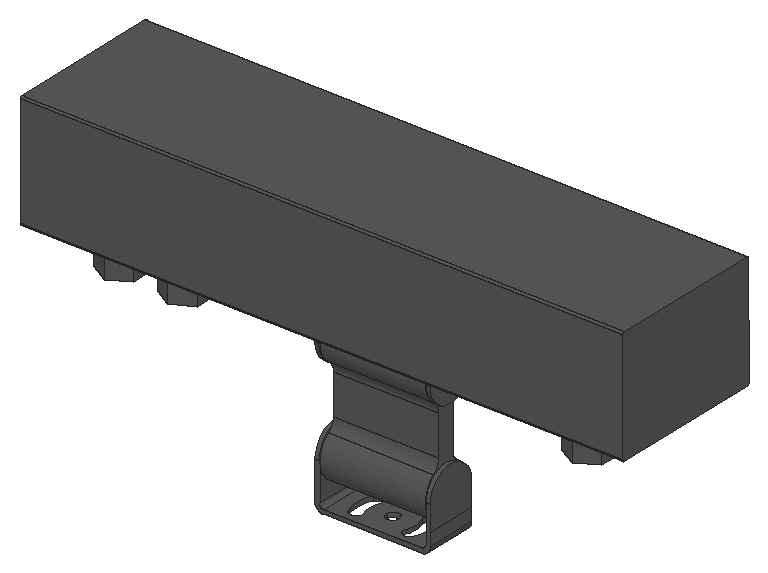
Revit family "LeL Tago 6.0", category Lighting Fixtures, Revit 2021
Family settings
  Round Connector Dimension = Use Diameter
  Part Type = Normal
  OmniClass Number = 23.80.70.00
  OmniClass Title = Lighting
  Work Plane-Based = Yes
  Always vertical = No
  Cut with Voids When Loaded = No
  Light Source = No
  Shared = No
  Room Calculation Point = No
Parameters (values of type "6.0 S 24° 14W")
  Weight = 1.083 kg  # constant formula
  Wattage = 14 W
  URL = "https://www.lucelight.it/en/prodotto.php/145844"
  Rotation wall [instance] = 0.00°
  Rotation body [instance] = 0.00°
  R2 [instance] = if(Rotation body > 90.00°, 90.00°, if(Rotation body < -90.00°, -90.00°, Rotation body))  # 0.00°
  R1 [instance] = if(Rotation wall > 90.00°, 90.00°, if(Rotation wall < -90.00°, -90.00°, Rotation wall))  # 0.00°
  Rated Power supply = 48 V  # constant formula
  Optic = TAGO Light source : 6.0 S 24° 14W
  Model = "TG60"
  Manufacturer = "L&L Luce&Light srl"  # constant formula
  Lumen Output = 1374 lm
  Lamp = "LED"
  IP = "IP65 IP67 IP69"  # constant formula
  IK = "IK09"  # constant formula
  Hint = "Switch on cable gland if dimmable"  # constant formula
  Description = "Outdoor/linear profiles"  # constant formula
  Default Elevation = 1219.2 mm
  Finish = LeL Black
  Cable gland dimmable = yes
  CRI = "CRI80"  # constant formula
  CCT = 4000 K  # constant formula
  Clips offset = 0 mm
  B [instance] = if(Clips offset > 100 mm, 100 mm, if(Clips offset < -100 mm, -100 mm, Clips offset))  # 0 mm
  Author = "A.D."  # constant formula
  Apparent Load = Wattage  # 14 VA
Types (3, lengths in mm): name | Optic | Lumen Output
  6.0 S 24° 14W | TAGO Light source : 6.0 S 24° 14W | 1374 lm
  6.0 M 30° 14W | TAGO Light source : 6.0 M 30° 14W | 1290 lm
  6.0 L 52° 14W | TAGO Light source : 6.0 L 52° 14W | 1206 lm
Reference planes
  plane 1 "Asse sorgente illuminazione (F/B)": y = 0
  plane 2: z = 0
  plane 3 "Asse sorgente illuminazione (L/R)": x = 0
  plane 4 "Prospetto sorgente di illuminazione": z = 1500
  plane 5: y = 0
  plane 6: z = 21.998
Lines and regions (mm)
  reference lines
    curve 1: line (0, -0.082, -8.118) -> (0, -0.082, 21.998)
Dimensions and locks
  "R1": angle plane 5 to curve 1
  aligned and locked: level to plane 2
  aligned and locked: plane 6 to curve 1
Automatic sketch dimensions
  plane 1 "Asse sorgente illuminazione (F/B)" to curve 1 = 0.082 mm
Nested families
  nested 1: "Symbol Linear Profile lamp" at (0, 0.044, 0), type "TG60", detail levels coarse
  nested 2: "Body" at (0, 0.253, -0.08), Finish <- "Finish", Cable gland <- "Cable gland dimmable", type "body"
    with Finish LeL Black, Cable gland yes
  nested 3: "Bracket wall" at (0, 0, 0), Finish <- "Finish", type "bracket wall"
    with Finish LeL Black
  nested 4: "Bracket body" at (0, 0.061, 71.907) x (1, 0, 0) z (0, 1, 0), Rotation body <- "R2", Finish <- "Finish", type "bracket body"
    with Rotation body 0.00°, Finish LeL Black
  nested 5: "Arm" at (0, -0.027, 21.924) x (1, 0, 0) z (0, 1, 0), Finish <- "Finish", type "arm"
    with Finish LeL Black
  nested 6: "TAGO Light source" at (0.576, 30.859, 121.467) x (1, 0, 0) z (0, 1, 0), type <- "Optic", type "6.0 S 24° 14W", detail levels medium
Connectors
  electrical at (-92.94, 0.122, 0), driven by "Rated Power supply", driven by "Apparent Load"
    settings: index 2, voltage 48 V, apparent load 0 VA, apparent load phase1 14 VA, apparent load phase2 0 VA, apparent load phase3 0 VA, power factor 1, load classification "Illuminazione", number of poles 1, system type 31, power factor state 1, is connector primary yes, connector utility no, sub classification motor no, connector description ""
Definition of nested family "Body"
  Parameters (values of type "body")
    Lenght = 286 mm
    Finish [instance] = none
    Default Elevation = 1219.2 mm
    Cable gland [instance] = yes
  Reference planes
    plane 1 "Centro (Fronte/Retro)": y = 0
    plane 2: z = 0
    plane 3 "Centro (Sinistra/Destra)": x = 0
    plane 4: x = -143
    plane 5: x = -139
    plane 6: x = -128
    plane 7: x = 128
    plane 8: x = 139
    plane 9: x = 143
    plane 10: x = 113.5
    plane 11: x = -108.5
    plane 12: x = -78.5
  Forms (mm)
    Extrusion 1, solid, material <- "Finish", detail levels medium+fine
      sketch origin (0, 0, 0) x (0, 1, 0) y (0, 0, 1)
        loop
          arc (-41.6, 149) -> (-42.307, 148.707) -> (-42.6, 148) r 1
          line (-42.6, 148) -> (-42.6, 95)
          arc (-42.6, 95) -> (-42.307, 94.293) -> (-41.6, 94) r 1
          line (-41.6, 94) -> (31.2, 94)
          arc (31.2, 94) -> (31.554, 94.146) -> (31.7, 94.5) r 0.5
          line (31.7, 94.5) -> (31.7, 148.5)
          arc (31.7, 148.5) -> (31.554, 148.854) -> (31.2, 149) r 0.5
          line (31.2, 149) -> (-41.6, 149)
      from -143 to 143
    Extrusion 2, void
      sketch origin (0, 0, 0) x (1, 0, 0) y (0, 0, 1)
        loop
          line (-139, 146.625) -> (-139, 96.375) -> (139, 96.375) -> (139, 146.625) -> (-139, 146.625)
      from -31.7 to -26.7
    Extrusion 3, solid, detail levels medium+fine
      sketch origin (0, 0, 0) x (1, 0, 0) y (0, 0, 1)
        loop
          line (-139, 146.625) -> (-139, 96.375) -> (139, 96.375) -> (139, 146.625) -> (-139, 146.625)
      from -26.7 to -31.7
    Extrusion 4, solid, detail levels medium+fine
      sketch origin (0, 0, 0) x (1, 0, 0) y (0, 0, 1)
        loop
          line (-128, 132.25) -> (-128, 110.75)
          arc (-128, 110.75) -> (-127.268, 108.982) -> (-125.5, 108.25) r 2.5
          line (-125.5, 108.25) -> (125.5, 108.25)
          arc (125.5, 108.25) -> (127.268, 108.982) -> (128, 110.75) r 2.5
          line (128, 110.75) -> (128, 132.25)
          arc (128, 132.25) -> (127.268, 134.018) -> (125.5, 134.75) r 2.5
          line (125.5, 134.75) -> (-125.5, 134.75)
          arc (-125.5, 134.75) -> (-127.268, 134.018) -> (-128, 132.25) r 2.5
      from -31.7 to -26.7
    Extrusion 5, solid, visible <- "Cable gland", detail levels medium+fine
      sketch origin (27.5, 0, 87.5) x (1, 0, 0) y (0, 1, 0)
        loop
          line (86, -13.63) -> (76.5, -19.115) -> (76.5, -30.085) -> (86, -35.57) -> (95.5, -30.085) -> (95.5, -19.115) -> (86, -13.63)
      from -7.25 to 6.5
    Extrusion 6, solid, visible <- "Cable gland", detail levels medium+fine
      sketch origin (-164.5, 0, 87.5) x (1, 0, 0) y (0, 1, 0)
        loop
          line (86, -13.63) -> (76.5, -19.115) -> (76.5, -30.085) -> (86, -35.57) -> (95.5, -30.085) -> (95.5, -19.115) -> (86, -13.63)
      from -7.25 to 6.5
    Extrusion 7, solid, detail levels medium+fine
      sketch origin (-194.5, 0, 87.5) x (1, 0, 0) y (0, 1, 0)
        loop
          line (86, -13.63) -> (76.5, -19.115) -> (76.5, -30.085) -> (86, -35.57) -> (95.5, -30.085) -> (95.5, -19.115) -> (86, -13.63)
      from -7.25 to 6.5
    Extrusion 8, solid, material <- "Finish", detail levels coarse
      sketch origin (0, 0, 0) x (0, 1, 0) y (0, 0, 1)
        loop
          line (30.513, 149) -> (-42.6, 149) -> (-42.6, 94) -> (30.513, 94) -> (30.513, 149)
      from -143 to 143
    Extrusion 9, solid, detail levels coarse
      sketch origin (0, 62.4, 0) x (0, -1, 0) y (0, 0, -1)
        loop
          line (31.887, -149) -> (31.887, -94) -> (30.7, -94) -> (30.7, -149) -> (31.887, -149)
      from -143 to 143
    Extrusion 10, void
      sketch origin (0, 0, 0) x (1, 0, 0) y (0, 0, 1)
        loop
          arc (-125.5, 134.75) -> (-127.268, 134.018) -> (-128, 132.25) r 2.5
          line (-128, 132.25) -> (-128, 110.75)
          arc (-128, 110.75) -> (-127.268, 108.982) -> (-125.5, 108.25) r 2.5
          line (-125.5, 108.25) -> (125.5, 108.25)
          arc (125.5, 108.25) -> (127.268, 108.982) -> (128, 110.75) r 2.5
          line (128, 110.75) -> (128, 132.25)
          arc (128, 132.25) -> (127.268, 134.018) -> (125.5, 134.75) r 2.5
          line (125.5, 134.75) -> (-125.5, 134.75)
      from -31.7 to -26.7
  Cuts and joins
    Extrusion 2, Extrusion 10 cuts Extrusion 1
    Extrusion 10 cuts Extrusion 8
    Extrusion 10 cuts Extrusion 3
  Dimensions and locks
    equal spacing: plane 9, plane 3 "Centro (Sinistra/Destra)", plane 4
    "Lenght": plane 9 to plane 4
    locked: plane 9 to plane 8 at 4
    locked: plane 5 to plane 4 at 4
    locked: plane 6 to plane 5 at 11
    locked: plane 8 to plane 7 at 11
    locked: plane 11 to plane 6 at 19.5
    locked: plane 12 to plane 11 at 30
    locked: plane 7 to plane 10 at 14.5
    aligned and locked: level to plane 2
    aligned and locked: Extrusion 1 to plane 4
    aligned and locked: Extrusion 1 to plane 9
    aligned and locked: plane 8 to cut or joined group of Extrusion 1, Extrusion 2, Extrusion 10
    aligned and locked: cut or joined group of Extrusion 1, Extrusion 2, Extrusion 10 to plane 5
    aligned and locked: cut or joined group of Extrusion 1, Extrusion 2, Extrusion 10 to cut or joined group of Extrusion 1, Extrusion 2, Extrusion 10
    aligned and locked: Extrusion 6 to plane 12
    aligned and locked: Extrusion 7 to plane 11
    aligned and locked: Extrusion 5 to plane 10
    aligned and locked: Extrusion 8 to plane 9
    aligned and locked: Extrusion 8 to plane 4
    aligned and locked: Extrusion 9 to plane 4
    aligned and locked: Extrusion 9 to plane 9
  Automatic sketch dimensions
    plane 1 "Centro (Fronte/Retro)" to Extrusion 1 sketch curve = 42.6 mm
    Extrusion 1 sketch curve to Extrusion 1 sketch curve = 1 mm  (x2)
    Extrusion 1 sketch curve to plane 1 "Centro (Fronte/Retro)" = 31.2 mm  (x2)
    Extrusion 1 sketch curve to Extrusion 1 sketch curve = 0.5 mm
    level to Extrusion 1 sketch curve = 94 mm
    Extrusion 1 sketch curve to Extrusion 1 sketch curve = 53 mm
    Extrusion 2 sketch curve to plane 5 = 0 mm
    Extrusion 2 sketch curve to plane 8 = 0 mm
    level to Extrusion 2 sketch curve = 96.375 mm
    Extrusion 2 sketch curve to Extrusion 2 sketch curve = 50.25 mm
    Extrusion 3 sketch curve to plane 5 = 0 mm
    Extrusion 3 sketch curve to plane 8 = 0 mm
    level to Extrusion 3 sketch curve = 96.375 mm
    Extrusion 3 sketch curve to Extrusion 3 sketch curve = 50.25 mm
    Extrusion 4 sketch curve to plane 6 = 0 mm
    plane 7 to Extrusion 4 sketch curve = 0 mm
    plane 6 to Extrusion 4 sketch curve = 2.5 mm  (x2)
    plane 7 to Extrusion 4 sketch curve = 2.5 mm  (x2)
    level to Extrusion 4 sketch curve = 108.25 mm
    Extrusion 4 sketch curve to Extrusion 4 sketch curve = 21.5 mm
    Extrusion 5 sketch curve to plane 10 = 0 mm  (x2)
    Extrusion 5 sketch curve to plane 10 = 9.5 mm
    plane 7 to Extrusion 5 sketch curve = 5 mm
    plane 1 "Centro (Fronte/Retro)" to Extrusion 5 sketch curve = 35.57 mm
    Extrusion 5 sketch curve to Extrusion 5 sketch curve = 5.485 mm  (x3)
    Extrusion 5 sketch curve to Extrusion 5 sketch curve = 10.97 mm  (x2)
    Extrusion 6 sketch curve to plane 12 = 0 mm  (x2)
    Extrusion 6 sketch curve to plane 12 = 9.5 mm
    plane 12 to Extrusion 6 sketch curve = 9.5 mm
    plane 1 "Centro (Fronte/Retro)" to Extrusion 6 sketch curve = 35.57 mm
    Extrusion 6 sketch curve to Extrusion 6 sketch curve = 5.485 mm  (x3)
    Extrusion 6 sketch curve to Extrusion 6 sketch curve = 10.97 mm  (x2)
    Extrusion 7 sketch curve to plane 11 = 0 mm  (x2)
    Extrusion 7 sketch curve to plane 11 = 9.5 mm
    plane 11 to Extrusion 7 sketch curve = 9.5 mm
    plane 1 "Centro (Fronte/Retro)" to Extrusion 7 sketch curve = 35.57 mm
    Extrusion 7 sketch curve to Extrusion 7 sketch curve = 5.485 mm  (x3)
    Extrusion 7 sketch curve to Extrusion 7 sketch curve = 10.97 mm  (x2)
    plane 1 "Centro (Fronte/Retro)" to Extrusion 8 sketch curve = 42.6 mm
    Extrusion 8 sketch curve to plane 1 "Centro (Fronte/Retro)" = 30.513 mm
    level to Extrusion 8 sketch curve = 94 mm
    Extrusion 8 sketch curve to Extrusion 8 sketch curve = 55 mm
    Extrusion 9 sketch curve to plane 1 "Centro (Fronte/Retro)" = 31.7 mm
    Extrusion 9 sketch curve to plane 1 "Centro (Fronte/Retro)" = 30.513 mm
    level to Extrusion 9 sketch curve = 149 mm
    Extrusion 9 sketch curve to Extrusion 9 sketch curve = 55 mm
    Extrusion 10 sketch curve to plane 6 = 0 mm
    plane 6 to Extrusion 10 sketch curve = 2.5 mm  (x2)
    Extrusion 10 sketch curve to Extrusion 10 sketch curve = 2.5 mm
    level to Extrusion 10 sketch curve = 108.25 mm
    Extrusion 10 sketch curve to Extrusion 10 sketch curve = 21.5 mm
    plane 7 to Extrusion 10 sketch curve = 2.5 mm
    plane 7 to Extrusion 10 sketch curve = 0 mm
Definition of nested family "Bracket wall"
  Parameters (values of type "bracket wall")
    Default Elevation = 0 mm
    Finish [instance] = none
  Reference planes
    plane 1 "Centro (Fronte/Retro)": y = 0
    plane 2: z = 0
    plane 3 "Centro (Sinistra/Destra)": x = 0
  Forms (mm)
    Extrusion 1, solid, material <- "Finish", detail levels medium+fine
      sketch origin (0, 0, 0) x (1, 0, 0) y (0, 0, -1)
        loop
          line (-25.4, -22) -> (-25.4, -4)
          arc (-25.4, -4) -> (-24.814, -2.586) -> (-23.4, -2) r 2
          line (-23.4, -2) -> (23.4, -2)
          arc (23.4, -2) -> (24.814, -2.586) -> (25.4, -4) r 2
          line (25.4, -4) -> (25.4, -22) -> (27.4, -22) -> (27.4, -10) -> (27.4, -4)
          arc (27.4, -4) -> (26.228, -1.172) -> (23.4, 0) r 4
          line (23.4, 0) -> (-23.4, 0)
          arc (-23.4, 0) -> (-26.228, -1.172) -> (-27.4, -4) r 4
          line (-27.4, -4) -> (-27.4, -10) -> (-27.4, -22) -> (-25.4, -22)
      from -12 to 12
    Extrusion 2, solid, material <- "Finish", detail levels medium+fine
      sketch origin (0, 0, 0) x (0, 0, -1) y (0, 1, 0)
        loop
          line (-22, -12) -> (-22, 12)
          arc (-22, 12) -> (-34, 0) -> (-22, -12) r 12
      from 25.4 to 27.4
    Extrusion 3, solid, material <- "Finish", detail levels medium+fine
      sketch origin (0, 0, 0) x (0, 0, -1) y (0, -1, 0)
        loop
          arc (-22, 12) -> (-34, 0) -> (-22, -12) r 12
          line (-22, -12) -> (-22, 12)
      from 25.4 to 27.4
    Extrusion 4, void
      sketch origin (0, 0, 0) x (1, 0, 0) y (0, 1, 0)
        loop
          arc (-15.411, 7.399) -> (-17.1, 0) -> (-15.411, -7.399) r 17.05
          arc (-15.411, -7.399) -> (-11.348, -8.712) -> (-9.828, -4.722) r 3.1
          arc (-9.828, -4.722) -> (-10.9, -0.004) -> (-9.828, 4.715) r 10.916
          arc (-9.828, 4.715) -> (-11.344, 8.71) -> (-15.411, 7.399) r 3.102
      from 0 to 2
    Extrusion 5, void
      sketch origin (0, 0, 0) x (-1, 0, 0) y (0, -1, 0)
        loop
          arc (-15.411, -7.399) -> (-11.344, -8.71) -> (-9.828, -4.715) r 3.102
          arc (-9.828, -4.715) -> (-10.9, 0.004) -> (-9.828, 4.722) r 10.916
          arc (-9.828, 4.722) -> (-11.348, 8.712) -> (-15.411, 7.399) r 3.1
          arc (-15.411, 7.399) -> (-17.1, 0) -> (-15.411, -7.399) r 17.05
      from 0 to 2
    Extrusion 6, void
      sketch origin (0, 0, 0) x (1, 0, 0) y (0, 1, 0)
        loop
          circle (0, 0) r 3.1
      from 0 to 2
    Extrusion 7, solid, material <- "Finish", detail levels coarse
      sketch origin (0, 0, 0) x (0, 0, -1) y (0, 1, 0)
        loop
          line (0, 12) -> (-22, 12) -> (-30.485, 8.485) -> (-34, 0) -> (-30.485, -8.485) -> (-22, -12) -> (0, -12) -> (0, 12)
      from 25.4 to 27.4
    Extrusion 8, solid, material <- "Finish", detail levels coarse
      sketch origin (0, 0, 0) x (0, 0, -1) y (0, -1, 0)
        loop
          line (0, -12) -> (0, 12) -> (-22, 12) -> (-30.485, 8.485) -> (-34, 0) -> (-30.485, -8.485) -> (-22, -12) -> (0, -12)
      from 25.4 to 27.4
    Extrusion 9, solid, material <- "Finish", detail levels coarse
      sketch origin (0, 0, 0) x (0, 0, -1) y (0, 1, 0)
        loop
          line (0, 12) -> (-2, 12) -> (-2, -12) -> (0, -12) -> (0, 12)
      from -25.4 to 25.4
  Cuts and joins
    Extrusion 4, Extrusion 5, Extrusion 6 cuts Extrusion 1
    joined: Extrusion 1, Extrusion 2, Extrusion 3
  Dimensions and locks
    aligned and locked: level to plane 2
Definition of nested family "Bracket body"
  Parameters (values of type "bracket")
    Rotation body [instance] = 45.00°
    Finish [instance] = none
    Default Elevation = 1219.2 mm
  Reference planes
    plane 1 "Centro (Fronte/Retro)": y = 0
    plane 2: z = 0
    plane 3 "Centro (Sinistra/Destra)": x = 0
    plane 4: z = 0
    plane 5: y = 0
  Lines and regions (mm)
    reference lines
      curve 1: line (0, 0, 0) -> (0, -16.006, -16.006)
  Dimensions and locks
    "Rotation body": angle plane 4 to curve 1
    aligned and locked: level to plane 2
    aligned and locked: plane 4 to curve 1
    aligned and locked: plane 5 to curve 1
  Nested families
    nested 1: "Bracket body" at (0, 8.556, 8.397) x (1, 0, 0) z (0, -0.7071, 0.7071), Finish <- "Finish", type "bracket"
      with Finish none
  Definition of nested family "Bracket body"
    Parameters (values of type "bracket")
      Finish [instance] = none
      Default Elevation = 1219.2 mm
    Reference planes
      plane 1 "Centro (Fronte/Retro)": y = 0
      plane 2: z = 0
      plane 3 "Centro (Sinistra/Destra)": x = 0
    Forms (mm)
      Extrusion 1, solid, material <- "Finish", detail levels medium+fine
        sketch origin (0, -34, 0) x (-1, 0, 0) y (0, -1, 0)
          loop
            line (-25.4, -22) -> (-25.4, -4)
            arc (-25.4, -4) -> (-24.814, -2.586) -> (-23.4, -2) r 2
            line (-23.4, -2) -> (23.4, -2)
            arc (23.4, -2) -> (24.814, -2.586) -> (25.4, -4) r 2
            line (25.4, -4) -> (25.4, -22) -> (27.4, -22) -> (27.4, -10) -> (27.4, -4)
            arc (27.4, -4) -> (26.228, -1.172) -> (23.4, 0) r 4
            line (23.4, 0) -> (-23.4, 0)
            arc (-23.4, 0) -> (-26.228, -1.172) -> (-27.4, -4) r 4
            line (-27.4, -4) -> (-27.4, -10) -> (-27.4, -22) -> (-25.4, -22)
        from -12 to 12
      Extrusion 2, solid, material <- "Finish", detail levels medium+fine
        sketch origin (0, -34, 0) x (0, -1, 0) y (0, 0, 1)
          loop
            line (-22, -12) -> (-22, 12)
            arc (-22, 12) -> (-34, 0) -> (-22, -12) r 12
        from 25.4 to 27.4
      Extrusion 3, solid, material <- "Finish", detail levels medium+fine
        sketch origin (0, -34, 0) x (0, -1, 0) y (0, 0, -1)
          loop
            arc (-22, 12) -> (-34, 0) -> (-22, -12) r 12
            line (-22, -12) -> (-22, 12)
        from 25.4 to 27.4
      Extrusion 4, void
        sketch origin (0, -34, 0) x (-1, 0, 0) y (0, 0, 1)
          loop
            arc (-15.411, 7.399) -> (-17.1, 0) -> (-15.411, -7.399) r 17.05
            arc (-15.411, -7.399) -> (-11.348, -8.712) -> (-9.828, -4.722) r 3.1
            arc (-9.828, -4.722) -> (-10.9, -0.004) -> (-9.828, 4.715) r 10.916
            arc (-9.828, 4.715) -> (-11.344, 8.71) -> (-15.411, 7.399) r 3.102
        from 0 to 2
      Extrusion 5, void
        sketch origin (0, -34, 0) x (1, 0, 0) y (0, 0, -1)
          loop
            arc (-15.411, -7.399) -> (-11.344, -8.71) -> (-9.828, -4.715) r 3.102
            arc (-9.828, -4.715) -> (-10.9, 0.004) -> (-9.828, 4.722) r 10.916
            arc (-9.828, 4.722) -> (-11.348, 8.712) -> (-15.411, 7.399) r 3.1
            arc (-15.411, 7.399) -> (-17.1, 0) -> (-15.411, -7.399) r 17.05
        from 0 to 2
      Extrusion 6, void
        sketch origin (0, -34, 0) x (-1, 0, 0) y (0, 0, 1)
          loop
            circle (0, 0) r 3.1
        from 0 to 2
      Extrusion 7, solid, material <- "Finish", detail levels coarse
        sketch origin (0, -34, 0) x (0, -1, 0) y (0, 0, 1)
          loop
            line (0, 12) -> (-22, 12) -> (-30.485, 8.485) -> (-34, 0) -> (-30.485, -8.485) -> (-22, -12) -> (0, -12) -> (0, 12)
        from 25.4 to 27.4
      Extrusion 8, solid, material <- "Finish", detail levels coarse
        sketch origin (0, -34, 0) x (0, -1, 0) y (0, 0, -1)
          loop
            line (0, -12) -> (0, 12) -> (-22, 12) -> (-30.485, 8.485) -> (-34, 0) -> (-30.485, -8.485) -> (-22, -12) -> (0, -12)
        from 25.4 to 27.4
      Extrusion 9, solid, material <- "Finish", detail levels coarse
        sketch origin (0, -34, 0) x (0, -1, 0) y (0, 0, 1)
          loop
            line (0, 12) -> (-2, 12) -> (-2, -12) -> (0, -12) -> (0, 12)
        from -25.4 to 25.4
    Cuts and joins
      Extrusion 4, Extrusion 5, Extrusion 6 cuts Extrusion 1
    Dimensions and locks
      aligned and locked: level to plane 2
Definition of nested family "Arm"
  Parameters (values of type "arm")
    Finish [instance] = none
    Default Elevation = 1219.2 mm
  Reference planes
    plane 1 "Centro (Fronte/Retro)": y = 0
    plane 2: z = 0
    plane 3 "Centro (Sinistra/Destra)": x = 0
  Forms (mm)
    Extrusion 1, solid, material <- "Finish", detail levels medium+fine
      sketch origin (-9.26, 22.016, 0) x (0, 1, 0) y (0, 0, 1)
        loop
          arc (-62.216, -6.947) -> (-59.72, -4.78) -> (-56.508, -4) r 7
          line (-56.508, -4) -> (-37.492, -4)
          arc (-37.492, -4) -> (-34.28, -4.78) -> (-31.784, -6.947) r 7
          arc (-31.784, -6.947) -> (-10, 0) -> (-31.784, 6.947) r 12
          arc (-31.784, 6.947) -> (-34.28, 4.78) -> (-37.492, 4) r 7
          line (-37.492, 4) -> (-56.508, 4)
          arc (-56.508, 4) -> (-59.72, 4.78) -> (-62.216, 6.947) r 7
          arc (-62.216, 6.947) -> (-84, 0) -> (-62.216, -6.947) r 12
      from -15.74 to 34.26
    Extrusion 2, solid, material <- "Finish", detail levels coarse
      sketch origin (0, 0, 0) x (0, 1, 0) y (0, 0, 1)
        loop
          line (0, 12) -> (-8.485, 8.485) -> (-10.243, 4.243) -> (-39.726, 4.243) -> (-41.483, 8.485) -> (-49.969, 12) -> (-58.454, 8.485) -> (-61.969, 0) -> (-58.454, -8.485) -> (-49.969, -12) -> (-41.483, -8.485) -> (-39.726, -4.243) -> (-10.243, -4.243) -> (-8.485, -8.485) -> (0, -12) -> (8.485, -8.485) -> (12, 0) -> (8.485, 8.485) -> (0, 12)
      from -25 to 25
  Dimensions and locks
    aligned and locked: level to plane 2
Definition of nested family "Symbol Linear Profile lamp"
  Parameters (values of type "TG60")
    Symbol widht = 55 mm
    Symbol lenght = 286 mm
  Reference planes
    plane 1: y = 0
    plane 2: x = 0
  Lines and regions (mm)
    detail lines
      curve 1: line (-143, -25, 0) -> (143, -25, 0)
      curve 2: line (-143, 30, 0) -> (-143, -25, 0)
      curve 3: line (143, 30, 0) -> (-143, 30, 0)
      curve 4: line (143, -25, 0) -> (143, 30, 0)
  Dimensions and locks
    equal spacing: curve 3, plane 1, curve 1
    "Symbol widht": curve 3 to curve 1
    equal spacing: curve 2, plane 2, curve 4
    "Symbol lenght": curve 2 to curve 4
  Automatic sketch dimensions
    plane 1 to curve 1 = 25 mm
Definition of nested family "TAGO Light source"
  Parameters (values of type "6.0 L 52° 14W")
    Wattage = 8.11892 W
    built-in parameter 1150110 = 1 (stored number, unit not read)
    built-in parameter 1114217 = 1 (stored number, unit not read)
    Tilt Angle = -90.00°
    built-in parameter 1150109 = 1 (stored number, unit not read)
    built-in parameter 1150134 = 12
    built-in parameter 1150113 = 1 (stored number, unit not read)
    Photometric Web File = "TAGO 6.0 L 52° [RGBW 14W 48Vdc].IES"
    Lumens = 1206 lm
    built-in parameter 1150115 = 1 (stored number, unit not read)
    built-in parameter 1150105 = 3114.3 (stored number, unit not read)
    built-in parameter 1150137 = (empty or 0)
    built-in parameter 1150139 = (empty or 0)
    built-in parameter 1150112 = 1 (stored number, unit not read)
    built-in parameter 1150114 = 1 (stored number, unit not read)
    Lamp = "LED"
    built-in parameter 1150132 = 2
    built-in parameter 1150102 = (empty or 0)
    built-in parameter 1150138 = (empty or 0)
    built-in parameter 1150107 = 4000 (stored number, unit not read)
    built-in parameter 1150106 = 31.143 (stored number, unit not read)
    Emit from Rectangle Width = 286 mm  # constant formula
    Emit from Rectangle Length = 55 mm  # constant formula
    Emit Shape Visible in Rendering = no
    built-in parameter 1150104 = 13.8 (stored number, unit not read)
    Dimming Lamp Color Temperature Shift = (empty or 0)
    Default Elevation = 1219.2 mm
    Color Filter = 16777215
    built-in parameter 1114218 = 1 (stored number, unit not read)
    built-in parameter 1150133 = 10 (stored number, unit not read)
    Apparent Load = 24 VA
  Types (3, lengths in mm): name | Wattage | Photometric Web File | Lumens | built-in parameter 1150105 | built-in parameter 1150106
    6.0 M 30° 14W | 8.68441 W | "TAGO 6.0 M 30° [RGBW 14W 48Vdc].IES" | 1290 lm | 102.65 (stored number, unit not read) | 1.0265 (stored number, unit not read)
    6.0 S 24° 14W | 9.24991 W | "TAGO 6.0 S 24° [RGBW 14W 48Vdc].IES" | 1374 lm | 109.34 (stored number, unit not read) | 1.0934 (stored number, unit not read)
    6.0 L 52° 14W | 8.11892 W | "TAGO 6.0 L 52° [RGBW 14W 48Vdc].IES" | 1206 lm | 3114.3 (stored number, unit not read) | 31.143 (stored number, unit not read)
  Reference planes
    plane 1 "Light Source Axis (F/B)": y = 0
    plane 2: z = 0
    plane 3 "Light Source Axis (L/R)": x = 0
    plane 4 "Light Source Elevation": z = 1.25
    plane 5: x = 0
  Dimensions and locks
    aligned and locked: plane 4 "Light Source Elevation" to imposter light
    aligned and locked: plane 2 to level
